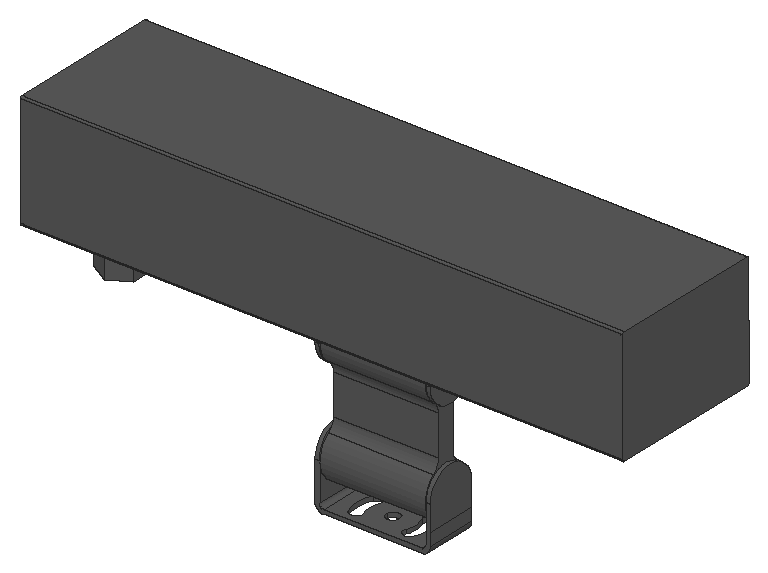
Revit family "LeL Tago 3.0", category Lighting Fixtures, Revit 2021
Family settings
  Round Connector Dimension = Use Diameter
  Part Type = Normal
  OmniClass Number = 23.80.70.00
  OmniClass Title = Lighting
  Work Plane-Based = Yes
  Always vertical = No
  Cut with Voids When Loaded = No
  Light Source = No
  Shared = No
  Room Calculation Point = No
Parameters (values of type "3.0 W 20°x49° 14W")
  Weight = 1.083 kg  # constant formula
  Wattage = 14 W
  URL = "https://www.lucelight.it/en/prodotto.php/140929"
  Rotation wall [instance] = 0.00°
  Rotation body [instance] = 0.00°
  R2 [instance] = if(Rotation body > 90.00°, 90.00°, if(Rotation body < -90.00°, -90.00°, Rotation body))  # 0.00°
  R1 [instance] = if(Rotation wall > 90.00°, 90.00°, if(Rotation wall < -90.00°, -90.00°, Rotation wall))  # 0.00°
  Rated Power supply = 230 V  # constant formula
  Optic = TAGO Light source : 3.0 W 20°x49° 14W
  Model = "TG30"
  Manufacturer = "L&L Luce&Light srl"  # constant formula
  Lumen Output = 851 lm
  Lamp = "LED"
  IP = "IP65 IP67 IP69"  # constant formula
  IK = "IK09"  # constant formula
  Hint [instance] = "Switch on cable gland if dimmable"  # constant formula
  Description = "Outdoor/linear profiles"  # constant formula
  Default Elevation = 1219.2 mm
  Finish = LeL Black
  Cable gland dimmable [instance] = no
  CRI = "CRI80"  # constant formula
  CCT = 3000 K  # constant formula
  Clips offset = 0 mm
  B [instance] = if(Clips offset > 100 mm, 100 mm, if(Clips offset < -100 mm, -100 mm, Clips offset))  # 0 mm
  Author = "A.D."  # constant formula
  Apparent Load = Wattage  # 14 VA
Types (7, lengths in mm): name | Optic | Lumen Output
  3.0 A 14W | TAGO Light source : 3.0 A 14W | 664 lm
  3.0 G 14W | TAGO Light source : 3.0 G 14W | 682 lm
  3.0 K 69° 14W | TAGO Light source : 3.0 K 69° 14W | 919 lm
  3.0 L 29° 14W | TAGO Light source : 3.0 L 29° 14W | 932 lm
  3.0 M 17° 14W | TAGO Light source : 3.0 M 17° 14W | 838 lm
  3.0 S 11° 14W | TAGO Light source : 3.0 S 11° 14W | 739 lm
  3.0 W 20°x49° 14W | TAGO Light source : 3.0 W 20°x49° 14W | 851 lm
Reference planes
  plane 1 "Asse sorgente illuminazione (F/B)": y = 0
  plane 2: z = 0
  plane 3 "Asse sorgente illuminazione (L/R)": x = 0
  plane 4 "Prospetto sorgente di illuminazione": z = 1500
  plane 5: y = 0
  plane 6: z = 21.998
Lines and regions (mm)
  reference lines
    curve 1: line (0, -0.082, -8.118) -> (0, -0.082, 21.998)
Dimensions and locks
  "R1": angle plane 5 to curve 1
  aligned and locked: level to plane 2
  aligned and locked: plane 6 to curve 1
Automatic sketch dimensions
  plane 1 "Asse sorgente illuminazione (F/B)" to curve 1 = 0.082 mm
Nested families
  nested 1: "Symbol Linear Profile lamp" at (0, 0.044, 0), type "TG30", detail levels coarse
  nested 2: "Body" at (0, 0.253, -0.08), Finish <- "Finish", Cable gland <- "Cable gland dimmable", type "body"
    with Finish LeL Black, Cable gland no
  nested 3: "Bracket wall" at (0, 0, 0), Finish <- "Finish", type "bracket wall"
    with Finish LeL Black
  nested 4: "Bracket body" at (0, 0.061, 71.907) x (1, 0, 0) z (0, 1, 0), Rotation body <- "R2", Finish <- "Finish", type "bracket body"
    with Rotation body 0.00°, Finish LeL Black
  nested 5: "Arm" at (0, -0.027, 21.924) x (1, 0, 0) z (0, 1, 0), Finish <- "Finish", type "arm"
    with Finish LeL Black
  nested 6: "TAGO Light source" at (0.576, 30.859, 121.467) x (1, 0, 0) z (0, 1, 0), type <- "Optic", type "3.0 W 20°x49° 14W", detail levels medium
Connectors
  electrical at (-92.94, 0.122, 0), driven by "Rated Power supply", driven by "Apparent Load"
    settings: index 2, voltage 230 V, apparent load 0 VA, apparent load phase1 14 VA, apparent load phase2 0 VA, apparent load phase3 0 VA, power factor 1, load classification "Illuminazione", number of poles 1, system type 31, power factor state 1, is connector primary yes, connector utility no, sub classification motor no, connector description ""
Definition of nested family "Body"
  Parameters (values of type "body")
    Lenght = 286 mm
    Finish [instance] = none
    Default Elevation = 1219.2 mm
    Cable gland [instance] = yes
  Reference planes
    plane 1 "Centro (Fronte/Retro)": y = 0
    plane 2: z = 0
    plane 3 "Centro (Sinistra/Destra)": x = 0
    plane 4: x = -143
    plane 5: x = -139
    plane 6: x = -128
    plane 7: x = 128
    plane 8: x = 139
    plane 9: x = 143
    plane 10: x = 113.5
    plane 11: x = -108.5
    plane 12: x = -78.5
  Forms (mm)
    Extrusion 1, solid, material <- "Finish", detail levels medium+fine
      sketch origin (0, 0, 0) x (0, 1, 0) y (0, 0, 1)
        loop
          arc (-41.6, 149) -> (-42.307, 148.707) -> (-42.6, 148) r 1
          line (-42.6, 148) -> (-42.6, 95)
          arc (-42.6, 95) -> (-42.307, 94.293) -> (-41.6, 94) r 1
          line (-41.6, 94) -> (31.2, 94)
          arc (31.2, 94) -> (31.554, 94.146) -> (31.7, 94.5) r 0.5
          line (31.7, 94.5) -> (31.7, 148.5)
          arc (31.7, 148.5) -> (31.554, 148.854) -> (31.2, 149) r 0.5
          line (31.2, 149) -> (-41.6, 149)
      from -143 to 143
    Extrusion 2, void
      sketch origin (0, 0, 0) x (1, 0, 0) y (0, 0, 1)
        loop
          line (-139, 146.625) -> (-139, 96.375) -> (139, 96.375) -> (139, 146.625) -> (-139, 146.625)
      from -31.7 to -26.7
    Extrusion 3, solid, detail levels medium+fine
      sketch origin (0, 0, 0) x (1, 0, 0) y (0, 0, 1)
        loop
          line (-139, 146.625) -> (-139, 96.375) -> (139, 96.375) -> (139, 146.625) -> (-139, 146.625)
      from -26.7 to -31.7
    Extrusion 4, solid, detail levels medium+fine
      sketch origin (0, 0, 0) x (1, 0, 0) y (0, 0, 1)
        loop
          line (-128, 132.25) -> (-128, 110.75)
          arc (-128, 110.75) -> (-127.268, 108.982) -> (-125.5, 108.25) r 2.5
          line (-125.5, 108.25) -> (125.5, 108.25)
          arc (125.5, 108.25) -> (127.268, 108.982) -> (128, 110.75) r 2.5
          line (128, 110.75) -> (128, 132.25)
          arc (128, 132.25) -> (127.268, 134.018) -> (125.5, 134.75) r 2.5
          line (125.5, 134.75) -> (-125.5, 134.75)
          arc (-125.5, 134.75) -> (-127.268, 134.018) -> (-128, 132.25) r 2.5
      from -31.7 to -26.7
    Extrusion 5, solid, visible <- "Cable gland", detail levels medium+fine
      sketch origin (27.5, 0, 87.5) x (1, 0, 0) y (0, 1, 0)
        loop
          line (86, -13.63) -> (76.5, -19.115) -> (76.5, -30.085) -> (86, -35.57) -> (95.5, -30.085) -> (95.5, -19.115) -> (86, -13.63)
      from -7.25 to 6.5
    Extrusion 6, solid, visible <- "Cable gland", detail levels medium+fine
      sketch origin (-164.5, 0, 87.5) x (1, 0, 0) y (0, 1, 0)
        loop
          line (86, -13.63) -> (76.5, -19.115) -> (76.5, -30.085) -> (86, -35.57) -> (95.5, -30.085) -> (95.5, -19.115) -> (86, -13.63)
      from -7.25 to 6.5
    Extrusion 7, solid, detail levels medium+fine
      sketch origin (-194.5, 0, 87.5) x (1, 0, 0) y (0, 1, 0)
        loop
          line (86, -13.63) -> (76.5, -19.115) -> (76.5, -30.085) -> (86, -35.57) -> (95.5, -30.085) -> (95.5, -19.115) -> (86, -13.63)
      from -7.25 to 6.5
    Extrusion 8, solid, material <- "Finish", detail levels coarse
      sketch origin (0, 0, 0) x (0, 1, 0) y (0, 0, 1)
        loop
          line (30.513, 149) -> (-42.6, 149) -> (-42.6, 94) -> (30.513, 94) -> (30.513, 149)
      from -143 to 143
    Extrusion 9, solid, detail levels coarse
      sketch origin (0, 62.4, 0) x (0, -1, 0) y (0, 0, -1)
        loop
          line (31.887, -149) -> (31.887, -94) -> (30.7, -94) -> (30.7, -149) -> (31.887, -149)
      from -143 to 143
    Extrusion 10, void
      sketch origin (0, 0, 0) x (1, 0, 0) y (0, 0, 1)
        loop
          arc (-125.5, 134.75) -> (-127.268, 134.018) -> (-128, 132.25) r 2.5
          line (-128, 132.25) -> (-128, 110.75)
          arc (-128, 110.75) -> (-127.268, 108.982) -> (-125.5, 108.25) r 2.5
          line (-125.5, 108.25) -> (125.5, 108.25)
          arc (125.5, 108.25) -> (127.268, 108.982) -> (128, 110.75) r 2.5
          line (128, 110.75) -> (128, 132.25)
          arc (128, 132.25) -> (127.268, 134.018) -> (125.5, 134.75) r 2.5
          line (125.5, 134.75) -> (-125.5, 134.75)
      from -31.7 to -26.7
  Cuts and joins
    Extrusion 2, Extrusion 10 cuts Extrusion 1
    Extrusion 10 cuts Extrusion 8
    Extrusion 10 cuts Extrusion 3
  Dimensions and locks
    equal spacing: plane 9, plane 3 "Centro (Sinistra/Destra)", plane 4
    "Lenght": plane 9 to plane 4
    locked: plane 9 to plane 8 at 4
    locked: plane 5 to plane 4 at 4
    locked: plane 6 to plane 5 at 11
    locked: plane 8 to plane 7 at 11
    locked: plane 11 to plane 6 at 19.5
    locked: plane 12 to plane 11 at 30
    locked: plane 7 to plane 10 at 14.5
    aligned and locked: level to plane 2
    aligned and locked: Extrusion 1 to plane 4
    aligned and locked: Extrusion 1 to plane 9
    aligned and locked: plane 8 to cut or joined group of Extrusion 1, Extrusion 2, Extrusion 10
    aligned and locked: cut or joined group of Extrusion 1, Extrusion 2, Extrusion 10 to plane 5
    aligned and locked: cut or joined group of Extrusion 1, Extrusion 2, Extrusion 10 to cut or joined group of Extrusion 1, Extrusion 2, Extrusion 10
    aligned and locked: Extrusion 6 to plane 12
    aligned and locked: Extrusion 7 to plane 11
    aligned and locked: Extrusion 5 to plane 10
    aligned and locked: Extrusion 8 to plane 9
    aligned and locked: Extrusion 8 to plane 4
    aligned and locked: Extrusion 9 to plane 4
    aligned and locked: Extrusion 9 to plane 9
  Automatic sketch dimensions
    plane 1 "Centro (Fronte/Retro)" to Extrusion 1 sketch curve = 42.6 mm
    Extrusion 1 sketch curve to Extrusion 1 sketch curve = 1 mm  (x2)
    Extrusion 1 sketch curve to plane 1 "Centro (Fronte/Retro)" = 31.2 mm  (x2)
    Extrusion 1 sketch curve to Extrusion 1 sketch curve = 0.5 mm
    level to Extrusion 1 sketch curve = 94 mm
    Extrusion 1 sketch curve to Extrusion 1 sketch curve = 53 mm
    Extrusion 2 sketch curve to plane 5 = 0 mm
    Extrusion 2 sketch curve to plane 8 = 0 mm
    level to Extrusion 2 sketch curve = 96.375 mm
    Extrusion 2 sketch curve to Extrusion 2 sketch curve = 50.25 mm
    Extrusion 3 sketch curve to plane 5 = 0 mm
    Extrusion 3 sketch curve to plane 8 = 0 mm
    level to Extrusion 3 sketch curve = 96.375 mm
    Extrusion 3 sketch curve to Extrusion 3 sketch curve = 50.25 mm
    Extrusion 4 sketch curve to plane 6 = 0 mm
    plane 7 to Extrusion 4 sketch curve = 0 mm
    plane 6 to Extrusion 4 sketch curve = 2.5 mm  (x2)
    plane 7 to Extrusion 4 sketch curve = 2.5 mm  (x2)
    level to Extrusion 4 sketch curve = 108.25 mm
    Extrusion 4 sketch curve to Extrusion 4 sketch curve = 21.5 mm
    Extrusion 5 sketch curve to plane 10 = 0 mm  (x2)
    Extrusion 5 sketch curve to plane 10 = 9.5 mm
    plane 7 to Extrusion 5 sketch curve = 5 mm
    plane 1 "Centro (Fronte/Retro)" to Extrusion 5 sketch curve = 35.57 mm
    Extrusion 5 sketch curve to Extrusion 5 sketch curve = 5.485 mm  (x3)
    Extrusion 5 sketch curve to Extrusion 5 sketch curve = 10.97 mm  (x2)
    Extrusion 6 sketch curve to plane 12 = 0 mm  (x2)
    Extrusion 6 sketch curve to plane 12 = 9.5 mm
    plane 12 to Extrusion 6 sketch curve = 9.5 mm
    plane 1 "Centro (Fronte/Retro)" to Extrusion 6 sketch curve = 35.57 mm
    Extrusion 6 sketch curve to Extrusion 6 sketch curve = 5.485 mm  (x3)
    Extrusion 6 sketch curve to Extrusion 6 sketch curve = 10.97 mm  (x2)
    Extrusion 7 sketch curve to plane 11 = 0 mm  (x2)
    Extrusion 7 sketch curve to plane 11 = 9.5 mm
    plane 11 to Extrusion 7 sketch curve = 9.5 mm
    plane 1 "Centro (Fronte/Retro)" to Extrusion 7 sketch curve = 35.57 mm
    Extrusion 7 sketch curve to Extrusion 7 sketch curve = 5.485 mm  (x3)
    Extrusion 7 sketch curve to Extrusion 7 sketch curve = 10.97 mm  (x2)
    plane 1 "Centro (Fronte/Retro)" to Extrusion 8 sketch curve = 42.6 mm
    Extrusion 8 sketch curve to plane 1 "Centro (Fronte/Retro)" = 30.513 mm
    level to Extrusion 8 sketch curve = 94 mm
    Extrusion 8 sketch curve to Extrusion 8 sketch curve = 55 mm
    Extrusion 9 sketch curve to plane 1 "Centro (Fronte/Retro)" = 31.7 mm
    Extrusion 9 sketch curve to plane 1 "Centro (Fronte/Retro)" = 30.513 mm
    level to Extrusion 9 sketch curve = 149 mm
    Extrusion 9 sketch curve to Extrusion 9 sketch curve = 55 mm
    Extrusion 10 sketch curve to plane 6 = 0 mm
    plane 6 to Extrusion 10 sketch curve = 2.5 mm  (x2)
    Extrusion 10 sketch curve to Extrusion 10 sketch curve = 2.5 mm
    level to Extrusion 10 sketch curve = 108.25 mm
    Extrusion 10 sketch curve to Extrusion 10 sketch curve = 21.5 mm
    plane 7 to Extrusion 10 sketch curve = 2.5 mm
    plane 7 to Extrusion 10 sketch curve = 0 mm
Definition of nested family "Bracket wall"
  Parameters (values of type "bracket wall")
    Default Elevation = 0 mm
    Finish [instance] = none
  Reference planes
    plane 1 "Centro (Fronte/Retro)": y = 0
    plane 2: z = 0
    plane 3 "Centro (Sinistra/Destra)": x = 0
  Forms (mm)
    Extrusion 1, solid, material <- "Finish", detail levels medium+fine
      sketch origin (0, 0, 0) x (1, 0, 0) y (0, 0, -1)
        loop
          line (-25.4, -22) -> (-25.4, -4)
          arc (-25.4, -4) -> (-24.814, -2.586) -> (-23.4, -2) r 2
          line (-23.4, -2) -> (23.4, -2)
          arc (23.4, -2) -> (24.814, -2.586) -> (25.4, -4) r 2
          line (25.4, -4) -> (25.4, -22) -> (27.4, -22) -> (27.4, -10) -> (27.4, -4)
          arc (27.4, -4) -> (26.228, -1.172) -> (23.4, 0) r 4
          line (23.4, 0) -> (-23.4, 0)
          arc (-23.4, 0) -> (-26.228, -1.172) -> (-27.4, -4) r 4
          line (-27.4, -4) -> (-27.4, -10) -> (-27.4, -22) -> (-25.4, -22)
      from -12 to 12
    Extrusion 2, solid, material <- "Finish", detail levels medium+fine
      sketch origin (0, 0, 0) x (0, 0, -1) y (0, 1, 0)
        loop
          line (-22, -12) -> (-22, 12)
          arc (-22, 12) -> (-34, 0) -> (-22, -12) r 12
      from 25.4 to 27.4
    Extrusion 3, solid, material <- "Finish", detail levels medium+fine
      sketch origin (0, 0, 0) x (0, 0, -1) y (0, -1, 0)
        loop
          arc (-22, 12) -> (-34, 0) -> (-22, -12) r 12
          line (-22, -12) -> (-22, 12)
      from 25.4 to 27.4
    Extrusion 4, void
      sketch origin (0, 0, 0) x (1, 0, 0) y (0, 1, 0)
        loop
          arc (-15.411, 7.399) -> (-17.1, 0) -> (-15.411, -7.399) r 17.05
          arc (-15.411, -7.399) -> (-11.348, -8.712) -> (-9.828, -4.722) r 3.1
          arc (-9.828, -4.722) -> (-10.9, -0.004) -> (-9.828, 4.715) r 10.916
          arc (-9.828, 4.715) -> (-11.344, 8.71) -> (-15.411, 7.399) r 3.102
      from 0 to 2
    Extrusion 5, void
      sketch origin (0, 0, 0) x (-1, 0, 0) y (0, -1, 0)
        loop
          arc (-15.411, -7.399) -> (-11.344, -8.71) -> (-9.828, -4.715) r 3.102
          arc (-9.828, -4.715) -> (-10.9, 0.004) -> (-9.828, 4.722) r 10.916
          arc (-9.828, 4.722) -> (-11.348, 8.712) -> (-15.411, 7.399) r 3.1
          arc (-15.411, 7.399) -> (-17.1, 0) -> (-15.411, -7.399) r 17.05
      from 0 to 2
    Extrusion 6, void
      sketch origin (0, 0, 0) x (1, 0, 0) y (0, 1, 0)
        loop
          circle (0, 0) r 3.1
      from 0 to 2
    Extrusion 7, solid, material <- "Finish", detail levels coarse
      sketch origin (0, 0, 0) x (0, 0, -1) y (0, 1, 0)
        loop
          line (0, 12) -> (-22, 12) -> (-30.485, 8.485) -> (-34, 0) -> (-30.485, -8.485) -> (-22, -12) -> (0, -12) -> (0, 12)
      from 25.4 to 27.4
    Extrusion 8, solid, material <- "Finish", detail levels coarse
      sketch origin (0, 0, 0) x (0, 0, -1) y (0, -1, 0)
        loop
          line (0, -12) -> (0, 12) -> (-22, 12) -> (-30.485, 8.485) -> (-34, 0) -> (-30.485, -8.485) -> (-22, -12) -> (0, -12)
      from 25.4 to 27.4
    Extrusion 9, solid, material <- "Finish", detail levels coarse
      sketch origin (0, 0, 0) x (0, 0, -1) y (0, 1, 0)
        loop
          line (0, 12) -> (-2, 12) -> (-2, -12) -> (0, -12) -> (0, 12)
      from -25.4 to 25.4
  Cuts and joins
    Extrusion 4, Extrusion 5, Extrusion 6 cuts Extrusion 1
    joined: Extrusion 1, Extrusion 2, Extrusion 3
  Dimensions and locks
    aligned and locked: level to plane 2
Definition of nested family "Bracket body"
  Parameters (values of type "bracket")
    Rotation body [instance] = 45.00°
    Finish [instance] = none
    Default Elevation = 1219.2 mm
  Reference planes
    plane 1 "Centro (Fronte/Retro)": y = 0
    plane 2: z = 0
    plane 3 "Centro (Sinistra/Destra)": x = 0
    plane 4: z = 0
    plane 5: y = 0
  Lines and regions (mm)
    reference lines
      curve 1: line (0, 0, 0) -> (0, -16.006, -16.006)
  Dimensions and locks
    "Rotation body": angle plane 4 to curve 1
    aligned and locked: level to plane 2
    aligned and locked: plane 4 to curve 1
    aligned and locked: plane 5 to curve 1
  Nested families
    nested 1: "Bracket body" at (0, 8.556, 8.397) x (1, 0, 0) z (0, -0.7071, 0.7071), Finish <- "Finish", type "bracket"
      with Finish none
  Definition of nested family "Bracket body"
    Parameters (values of type "bracket")
      Finish [instance] = none
      Default Elevation = 1219.2 mm
    Reference planes
      plane 1 "Centro (Fronte/Retro)": y = 0
      plane 2: z = 0
      plane 3 "Centro (Sinistra/Destra)": x = 0
    Forms (mm)
      Extrusion 1, solid, material <- "Finish", detail levels medium+fine
        sketch origin (0, -34, 0) x (-1, 0, 0) y (0, -1, 0)
          loop
            line (-25.4, -22) -> (-25.4, -4)
            arc (-25.4, -4) -> (-24.814, -2.586) -> (-23.4, -2) r 2
            line (-23.4, -2) -> (23.4, -2)
            arc (23.4, -2) -> (24.814, -2.586) -> (25.4, -4) r 2
            line (25.4, -4) -> (25.4, -22) -> (27.4, -22) -> (27.4, -10) -> (27.4, -4)
            arc (27.4, -4) -> (26.228, -1.172) -> (23.4, 0) r 4
            line (23.4, 0) -> (-23.4, 0)
            arc (-23.4, 0) -> (-26.228, -1.172) -> (-27.4, -4) r 4
            line (-27.4, -4) -> (-27.4, -10) -> (-27.4, -22) -> (-25.4, -22)
        from -12 to 12
      Extrusion 2, solid, material <- "Finish", detail levels medium+fine
        sketch origin (0, -34, 0) x (0, -1, 0) y (0, 0, 1)
          loop
            line (-22, -12) -> (-22, 12)
            arc (-22, 12) -> (-34, 0) -> (-22, -12) r 12
        from 25.4 to 27.4
      Extrusion 3, solid, material <- "Finish", detail levels medium+fine
        sketch origin (0, -34, 0) x (0, -1, 0) y (0, 0, -1)
          loop
            arc (-22, 12) -> (-34, 0) -> (-22, -12) r 12
            line (-22, -12) -> (-22, 12)
        from 25.4 to 27.4
      Extrusion 4, void
        sketch origin (0, -34, 0) x (-1, 0, 0) y (0, 0, 1)
          loop
            arc (-15.411, 7.399) -> (-17.1, 0) -> (-15.411, -7.399) r 17.05
            arc (-15.411, -7.399) -> (-11.348, -8.712) -> (-9.828, -4.722) r 3.1
            arc (-9.828, -4.722) -> (-10.9, -0.004) -> (-9.828, 4.715) r 10.916
            arc (-9.828, 4.715) -> (-11.344, 8.71) -> (-15.411, 7.399) r 3.102
        from 0 to 2
      Extrusion 5, void
        sketch origin (0, -34, 0) x (1, 0, 0) y (0, 0, -1)
          loop
            arc (-15.411, -7.399) -> (-11.344, -8.71) -> (-9.828, -4.715) r 3.102
            arc (-9.828, -4.715) -> (-10.9, 0.004) -> (-9.828, 4.722) r 10.916
            arc (-9.828, 4.722) -> (-11.348, 8.712) -> (-15.411, 7.399) r 3.1
            arc (-15.411, 7.399) -> (-17.1, 0) -> (-15.411, -7.399) r 17.05
        from 0 to 2
      Extrusion 6, void
        sketch origin (0, -34, 0) x (-1, 0, 0) y (0, 0, 1)
          loop
            circle (0, 0) r 3.1
        from 0 to 2
      Extrusion 7, solid, material <- "Finish", detail levels coarse
        sketch origin (0, -34, 0) x (0, -1, 0) y (0, 0, 1)
          loop
            line (0, 12) -> (-22, 12) -> (-30.485, 8.485) -> (-34, 0) -> (-30.485, -8.485) -> (-22, -12) -> (0, -12) -> (0, 12)
        from 25.4 to 27.4
      Extrusion 8, solid, material <- "Finish", detail levels coarse
        sketch origin (0, -34, 0) x (0, -1, 0) y (0, 0, -1)
          loop
            line (0, -12) -> (0, 12) -> (-22, 12) -> (-30.485, 8.485) -> (-34, 0) -> (-30.485, -8.485) -> (-22, -12) -> (0, -12)
        from 25.4 to 27.4
      Extrusion 9, solid, material <- "Finish", detail levels coarse
        sketch origin (0, -34, 0) x (0, -1, 0) y (0, 0, 1)
          loop
            line (0, 12) -> (-2, 12) -> (-2, -12) -> (0, -12) -> (0, 12)
        from -25.4 to 25.4
    Cuts and joins
      Extrusion 4, Extrusion 5, Extrusion 6 cuts Extrusion 1
    Dimensions and locks
      aligned and locked: level to plane 2
Definition of nested family "Arm"
  Parameters (values of type "arm")
    Finish [instance] = none
    Default Elevation = 1219.2 mm
  Reference planes
    plane 1 "Centro (Fronte/Retro)": y = 0
    plane 2: z = 0
    plane 3 "Centro (Sinistra/Destra)": x = 0
  Forms (mm)
    Extrusion 1, solid, material <- "Finish", detail levels medium+fine
      sketch origin (-9.26, 22.016, 0) x (0, 1, 0) y (0, 0, 1)
        loop
          arc (-62.216, -6.947) -> (-59.72, -4.78) -> (-56.508, -4) r 7
          line (-56.508, -4) -> (-37.492, -4)
          arc (-37.492, -4) -> (-34.28, -4.78) -> (-31.784, -6.947) r 7
          arc (-31.784, -6.947) -> (-10, 0) -> (-31.784, 6.947) r 12
          arc (-31.784, 6.947) -> (-34.28, 4.78) -> (-37.492, 4) r 7
          line (-37.492, 4) -> (-56.508, 4)
          arc (-56.508, 4) -> (-59.72, 4.78) -> (-62.216, 6.947) r 7
          arc (-62.216, 6.947) -> (-84, 0) -> (-62.216, -6.947) r 12
      from -15.74 to 34.26
    Extrusion 2, solid, material <- "Finish", detail levels coarse
      sketch origin (0, 0, 0) x (0, 1, 0) y (0, 0, 1)
        loop
          line (0, 12) -> (-8.485, 8.485) -> (-10.243, 4.243) -> (-39.726, 4.243) -> (-41.483, 8.485) -> (-49.969, 12) -> (-58.454, 8.485) -> (-61.969, 0) -> (-58.454, -8.485) -> (-49.969, -12) -> (-41.483, -8.485) -> (-39.726, -4.243) -> (-10.243, -4.243) -> (-8.485, -8.485) -> (0, -12) -> (8.485, -8.485) -> (12, 0) -> (8.485, 8.485) -> (0, 12)
      from -25 to 25
  Dimensions and locks
    aligned and locked: level to plane 2
Definition of nested family "Symbol Linear Profile lamp"
  Parameters (values of type "TG30")
    Symbol widht = 55 mm
    Symbol lenght = 286 mm
  Reference planes
    plane 1: y = 0
    plane 2: x = 0
  Lines and regions (mm)
    detail lines
      curve 1: line (-143, -25, 0) -> (143, -25, 0)
      curve 2: line (-143, 30, 0) -> (-143, -25, 0)
      curve 3: line (143, 30, 0) -> (-143, 30, 0)
      curve 4: line (143, -25, 0) -> (143, 30, 0)
  Dimensions and locks
    equal spacing: curve 3, plane 1, curve 1
    "Symbol widht": curve 3 to curve 1
    equal spacing: curve 2, plane 2, curve 4
    "Symbol lenght": curve 2 to curve 4
  Automatic sketch dimensions
    plane 1 to curve 1 = 25 mm
Definition of nested family "TAGO Light source"
  Parameters (values of type "3.0 W 20°x49° 14W")
    Wattage = 5.72902 W
    built-in parameter 1150110 = 1 (stored number, unit not read)
    built-in parameter 1114217 = 1 (stored number, unit not read)
    Tilt Angle = -90.00°
    built-in parameter 1150109 = 1 (stored number, unit not read)
    built-in parameter 1150134 = (empty or 0)
    built-in parameter 1150113 = 1 (stored number, unit not read)
    Photometric Web File = "TAGO 3.0 W 20°x49° [3000K 14W 230Vac].IES"
    Lumens = 851 lm
    built-in parameter 1150115 = 1 (stored number, unit not read)
    built-in parameter 1150105 = 15042.6 (stored number, unit not read)
    built-in parameter 1150137 = (empty or 0)
    built-in parameter 1150139 = (empty or 0)
    built-in parameter 1150112 = 1 (stored number, unit not read)
    built-in parameter 1150114 = 1 (stored number, unit not read)
    Lamp = "LED"
    built-in parameter 1150132 = 2
    built-in parameter 1150102 = (empty or 0)
    built-in parameter 1150138 = (empty or 0)
    built-in parameter 1150107 = 3000 (stored number, unit not read)
    built-in parameter 1150106 = 150.43 (stored number, unit not read)
    Emit from Rectangle Width = 286 mm  # constant formula
    Emit from Rectangle Length = 55 mm  # constant formula
    Emit Shape Visible in Rendering = no
    built-in parameter 1150104 = 13.8 (stored number, unit not read)
    Dimming Lamp Color Temperature Shift = (empty or 0)
    Default Elevation = 1219.2 mm
    Color Filter = 16777215
    built-in parameter 1114218 = 1 (stored number, unit not read)
    built-in parameter 1150133 = 10 (stored number, unit not read)
    Apparent Load = 24 VA
  Types (7, lengths in mm): name | Wattage | Photometric Web File | Lumens | built-in parameter 1150105 | built-in parameter 1150106
    3.0 A 14W | 4.47012 W | "TAGO 3.0 A [3000K 14W 230Vac].IES" | 664 lm | 350.67 (stored number, unit not read) | 3.5067 (stored number, unit not read)
    3.0 G 14W | 4.5913 W | "TAGO 3.0 G [3000K 14W 230Vac].IES" | 682 lm | 360.18 (stored number, unit not read) | 3.6018 (stored number, unit not read)
    3.0 K 69° 14W | 6.1868 W | "TAGO 3.0 K 69° [3000K 14W 230Vac].IES" | 919 lm | 1490.4 (stored number, unit not read) | 14.904 (stored number, unit not read)
    3.0 L 29° 14W | 6.27432 W | "TAGO 3.0 L 29° [3000K 14W 230Vac].IES" | 932 lm | 787.56 (stored number, unit not read) | 7.8756 (stored number, unit not read)
    3.0 M 17° 14W | 5.6415 W | "TAGO 3.0 M 17° [3000K 14W 230Vac].IES" | 838 lm | 708.13 (stored number, unit not read) | 7.0813 (stored number, unit not read)
    3.0 S 11° 14W | 4.97503 W | "TAGO 3.0 S 11° [3000K 14W 230Vac].IES" | 739 lm | 3877.4 (stored number, unit not read) | 38.774 (stored number, unit not read)
    3.0 W 20°x49° 14W | 5.72902 W | "TAGO 3.0 W 20°x49° [3000K 14W 230Vac].IES" | 851 lm | 15042.6 (stored number, unit not read) | 150.43 (stored number, unit not read)
  Reference planes
    plane 1 "Light Source Axis (F/B)": y = 0
    plane 2: z = 0
    plane 3 "Light Source Axis (L/R)": x = 0
    plane 4 "Light Source Elevation": z = 1.25
    plane 5: x = 0
  Dimensions and locks
    aligned and locked: plane 4 "Light Source Elevation" to imposter light
    aligned and locked: plane 2 to level
